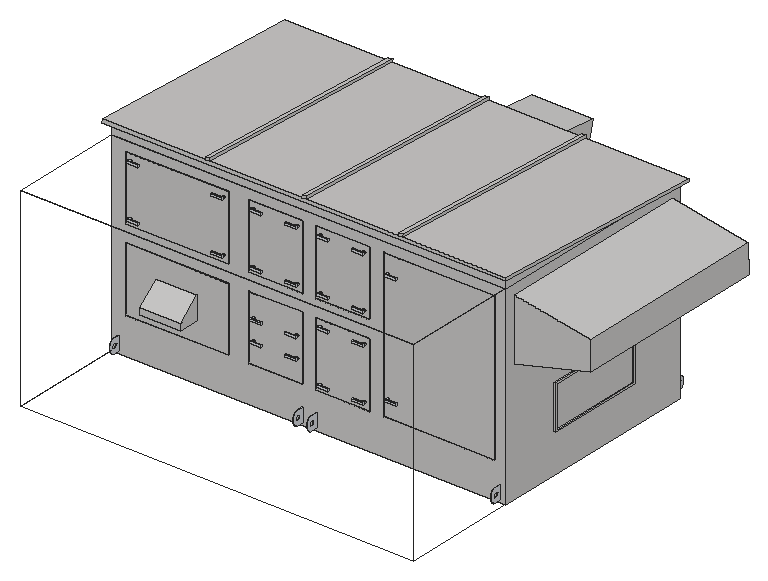
Revit family "DN-3RT-2FP-ECH", category Mechanical Equipment, Revit 2016
Family settings
  Part Type = Normal
  Round Connector Dimension = Use Diameter
  OmniClass Number = 23.75.00.00
  OmniClass Title = Climate Control (HVAC)
  Work Plane-Based = No
  Always vertical = Yes
  Cut with Voids When Loaded = No
  Shared = No
  Room Calculation Point = No
Parameters (values of type "2 @ 2.70 kW ea.")
  Voltage [instance] = "200-240 V"
  Unit Weight Range (lbs) [instance] = "3625-4150 lbs."
  Max. Shipping Weight (lbs) [instance] = "3850-4375 lbs."
  Unit Dimensions (L x W x H) [instance] = "176-7/8\" x 108-3/4\" x 77-1/8\""
  Shipping Dimensions (L x W x H) [instance] = "160\" x 90\" x 83\""
  Unit [instance] = Renewaire - Galvanized Steel
  URL = "www.renewaire.com"
  Typical Airflow Range = "750-3,300 CFM"
  Standard Features [instance] = "EC Motors for both airstreams, Direct drive backward inclined plenum, Higher ESP of up to 2.5\" w.g. at 3,000 CFM, Integrated programmable controls, True 100% face and bypass enthalpy based modulating economizer, Class 1 low leakage motorized isolation dampers, Stainless steel double-sloped drain pan with cooling option, 1\" Double wall foam injected 20 gauge galvanized panel construction with R6.5 insulation"
  Service Area Visibility [instance] = yes
  Service Area Box [instance] = Renewaire - Interference
  Revit Object Download Link [instance] = ""
  Phase [instance] = "Three"
  Options [instance] = "DX, heat pump, or chilled water cooling coil, Modulating hot gas reheat, Steam or hot water coil, gas heat module or electric heater, Onboard variable frequency drives (VFDs) - both airstreams, Fused disconnect, Spring isolators (VFDs only), 2\" Double wall foam injected 20 gauge galvanized panel construction with R13 insulation, Exterior paint - grey, white, custom color, Salt spray - 2500 hours, BACNET factory activation, GFCI convenience outlet, Recirculation damper, Drain overflow switch, Mist Eliminator, Electrofin coating for coils"
  Number Motors [instance] = "Qty. 2, Direct drive motorized impeller packages"
  Model = "DN-3RT-ECH-2FP"
  Minimum Circuit Amps [instance] = "19.4 A"
  Maximum Overcurrent Protection [instance] = "25 A"
  Manufacturer = "Renewaire LLC"
  Inlets/Outlets [instance] = "OA & RA Inlets: 36\" x 16\", SA Outlet: 24\" x 16\", EA Outlet: 20\" x 16\""
  Frequency [instance] = "50/60 Hz"
  Filters [instance] = "Total qty. 6, MERV 8: 20\" x 20\" x 2\""
  FLA per Motor [instance] = "8.6-7.2"
  Energy Recovery Type [instance] = "Static plate total energy transfer"
  Description = "Energy Recovery Ventilator"
  Accessories [instance] = "Filters - MERV 13, 2\"  and 4\" (shipped loose), MERV 14, 2\" and 4\" (shipped loose), Additional filters available upon request, Roof curb - standard 14\", Hurricane or seismic rated curbs, Curb clip kit, Carbon dioxide sensor/control - wall mount (CO2-W), duct mount (CO2-D), IAQ sensor - wall mount (IAQ-W), duct mount (IAQ-D), Motion occupancy sensor/control - ceiling mount (MC-C), wall mount (MC-W), Smoke detector, Room temperature and humidity sensor, Duct static pressure sensor with display to 10\", without display 0-2\", Room pressure sensor with display to 1\", without display 0-1\", Waterless trap negative pressure, waterless trap positive pressure, Remote display"
  AHRI 1060 Certified Core [instance] = "Three L-125-G5"
Types (6): name | Voltage | Minimum Circuit Amps | Maximum Overcurrent Protection | FLA per Motor
  (no name) | "200-240 V" | "19.4 A" | "25 A" | "8.6-7.2"
  2 @ 2.70 kW ea. | "200-240 V" | "19.4 A" | "25 A" | "8.6-7.2"
  2 @ 3.70 kW ea. | "380-480 V" | "13.5 A" | "15 A" | "6.0-4.6"
  2 @ 5HP ea. 208-230V | "208-230 V" | "31.3 A" | "45 A" | "13.9-13.4/6.7"
  2 @ 5HP ea. 460V | "460V" | "15.1 A" | "20 A" | "6.7"
  2 @ 5HP ea. 575V | "575V" | "11.9 A" | "15 A" | "5.3"
Reference planes (in)
  plane 1 "Center (Front/Back)": y = 0
  plane 2: z = 0
  plane 3 "Center (Left/Right)": x = 0
  plane 4: y = -39.6875
  plane 5: x = -73
Forms (in)
  Extrusion 1, solid, material "Renewaire - Galvanized Steel" <- "Unit"
    sketch origin (0, 0, 0) x (0, 1, 0) y (0, 0, 1)
      loop
        line (38.6875, 70.875) -> (-40.6875, 70.875) -> (-40.6875, 0) -> (38.6875, 0) -> (38.6875, 70.875)
    from 70.875 to -73
  Extrusion 2, void
    sketch origin (0, 0, 0) x (1, 0, 0) y (0, 0, 1)
      loop
        line (-68.17984, 67.32399) -> (-68.17984, 43.32172) -> (-30.17986, 43.32172) -> (-30.17986, 67.32399) -> (-68.17984, 67.32399)
      loop
        line (-3.23221, 67.32399) -> (-23.2322, 67.32399) -> (-23.2322, 43.32172) -> (-3.23221, 43.32172) -> (-3.23221, 67.32399)
      loop
        line (21.2974, 67.32399) -> (1.2974, 67.32399) -> (1.2974, 43.32172) -> (21.2974, 43.32172) -> (21.2974, 67.32399)
      loop
        line (67.20649, 67.32399) -> (26.2065, 67.32399) -> (26.2065, 13.32173) -> (67.20649, 13.32173) -> (67.20649, 67.32399)
      loop
        line (-68.17984, 37.32286) -> (-68.17984, 13.3206) -> (-30.17986, 13.3206) -> (-30.17986, 37.32286) -> (-68.17984, 37.32286)
      loop
        line (-3.23221, 37.32286) -> (-23.2322, 37.32286) -> (-23.2322, 13.3206) -> (-3.23221, 13.3206) -> (-3.23221, 37.32286)
      loop
        line (21.2974, 37.32286) -> (1.2974, 37.32286) -> (1.2974, 13.3206) -> (21.2974, 13.3206) -> (21.2974, 37.32286)
    from 41.6875 to 39.6875
  Extrusion 3, solid, material "Renewaire - Galvanized Steel" <- "Unit"
    sketch origin (0, -1.04504, 1.25231) x (0, 1, 0) y (0, 0, 1)
      loop
        line (12.02253, 30.88417) -> (-11.97747, 30.88417) -> (-11.97747, 14.88417) -> (12.02253, 14.88417) -> (12.02253, 30.88417)
      loop
        line (11.77253, 30.63417) -> (-11.72747, 30.63417) -> (-11.72747, 15.13417) -> (11.77253, 15.13417) -> (11.77253, 30.63417)
    from -73 to -74
  Extrusion 4, solid, material "Renewaire - Galvanized Steel" <- "Unit"
    sketch origin (0, -1.04504, 3) x (0, 1, 0) y (0, 0, 1)
      loop
        line (-17.97746, 27.82167) -> (-17.97746, 11.82167) -> (18.02254, 11.82167) -> (18.02254, 27.82167) -> (-17.97746, 27.82167)
      loop
        line (-17.72746, 27.57167) -> (-17.72746, 12.07167) -> (17.77254, 12.07167) -> (17.77254, 27.57167) -> (-17.72746, 27.57167)
    from 71.875 to 70.875
  Extrusion 5, void
    sketch origin (0, 0, 0) x (1, 0, 0) y (0, 1, 0)
      loop
        line (-71, 36.6875) -> (-71, -38.6875) -> (68.875, -38.6875) -> (68.875, 36.6875) -> (-71, 36.6875)
    from -1 to 6
  Extrusion 6, void
    sketch origin (0, 0, 0) x (1, 0, 0) y (0, 1, 0)
      loop
        line (63.82319, 17.02251) -> (47.8232, 17.02251) -> (47.8232, -18.97749) -> (63.82319, -18.97749) -> (63.82319, 17.02251)
      loop
        line (-49.7055, 11.02929) -> (-65.7055, 11.02929) -> (-65.7055, -12.97071) -> (-49.7055, -12.97071) -> (-49.7055, 11.02929)
    from 4 to 6.125
  Extrusion 7, solid, material "Renewaire - Interference" <- "Service Area Box"
    sketch origin (0, 0, 0) x (1, 0, 0) y (0, 1, 0)
      loop
        line (-73, -40.6875) -> (-73, -82.6875) -> (70.875, -82.6875) -> (70.875, -40.6875) -> (-73, -40.6875)
    from 0 to 70.875
  Extrusion 8, solid, material "Renewaire - Galvanized Steel" <- "Unit"
    sketch origin (0, 0, 0) x (1, 0, 0) y (0, 0, 1)
      loop
        line (-67.92984, 67.07399) -> (-67.92984, 43.57172) -> (-30.42986, 43.57172) -> (-30.42986, 67.07399) -> (-67.92984, 67.07399)
      loop
        line (-67.92984, 37.07286) -> (-67.92984, 13.5706) -> (-30.42986, 13.5706) -> (-30.42986, 37.07286) -> (-67.92984, 37.07286)
      loop
        line (-22.9822, 67.07399) -> (-22.9822, 43.57172) -> (-3.48221, 43.57172) -> (-3.48221, 67.07399) -> (-22.9822, 67.07399)
      loop
        line (1.5474, 67.07399) -> (1.5474, 43.57172) -> (21.0474, 43.57172) -> (21.0474, 67.07399) -> (1.5474, 67.07399)
      loop
        line (-22.9822, 37.07286) -> (-22.9822, 13.5706) -> (-3.48221, 13.5706) -> (-3.48221, 37.07286) -> (-22.9822, 37.07286)
      loop
        line (1.5474, 37.07286) -> (1.5474, 13.5706) -> (21.0474, 13.5706) -> (21.0474, 37.07286) -> (1.5474, 37.07286)
      loop
        line (26.4565, 67.07399) -> (26.4565, 13.57173) -> (66.95649, 13.57173) -> (66.95649, 67.07399) -> (26.4565, 67.07399)
    from 39.6875 to 40.6875
  Extrusion 9, solid, material "Renewaire - Galvanized Steel" <- "Unit"
    sketch origin (0, 0, 0) x (0, 1, 0) y (0, 0, 1)
      loop
        line (38.6875, 67.40788) -> (38.6875, 49.36009) -> (55.14296, 48.91539) -> (59.60759, 65.57761) -> (38.6875, 67.40788)
    from 0 to 22.39252
  Extrusion 10, solid, material "Renewaire - Galvanized Steel" <- "Unit"
    sketch origin (0, 0, 0) x (1, 0, 0) y (0, 0, 1)
      loop
        line (70.875, 67.38694) -> (70.875, 44.63001) -> (98.94202, 51.93797) -> (98.94202, 62.43797) -> (70.875, 67.38694)
    from -35.06601 to 37.05392
  Extrusion 11, solid, material "Renewaire - Galvanized Steel" <- "Unit"
    sketch origin (0, 0, 0) x (1, 0, 0) y (0, 0, 1)
      loop
        line (-73, 29.6828) -> (-77.34667, 28.51811) -> (-75.24095, 20.65947) -> (-73, 20.65947) -> (-73, 29.6828)
    from 14.47821 to 22.90376
  Extrusion 12, solid, material "Renewaire - Galvanized Steel" <- "Unit"
    sketch origin (0, 0, 0) x (0, 1, 0) y (0, 0, 1)
      loop
        line (-40.6875, 20.87411) -> (-40.6875, 29.23787) -> (-48.4375, 23.18634) -> (-48.4375, 20.87411) -> (-40.6875, 20.87411)
    from -56.79672 to -41.89672
  Extrusion 13, solid, material "Renewaire - Galvanized Steel" <- "Unit"
    sketch origin (0, 0, 0) x (0, 1, 0) y (0, 0, 1)
      loop
        line (40.71506, 70.90575) -> (40.76536, 71.90448) -> (-42.74883, 76.11069) -> (-42.79913, 75.11195) -> (40.71506, 70.90575)
    from -74.94102 to 72.69298
  Extrusion 14, solid, material "Renewaire - Galvanized Steel" <- "Unit"
    sketch origin (0, 0, 0) x (0, 1, 0) y (0, 0, 1)
      loop
        line (38.6875, 70.875) -> (38.6875, 71.00786) -> (-40.6875, 75.0056) -> (-40.6875, 70.875) -> (38.6875, 70.875)
    from -73 to 70.875
  Extrusion 15, solid, material "Renewaire - Galvanized Steel" <- "Unit"
    sketch origin (0, 0, 0) x (0, 1, 0) y (0, 0, 1)
      loop
        line (40.76536, 71.90448) -> (40.81566, 72.90323) -> (-42.69853, 77.10944) -> (-42.74883, 76.11069) -> (40.76536, 71.90448)
    from -1.87008 to -0.36867
  Extrusion 16, solid, material "Renewaire - Galvanized Steel" <- "Unit"
    sketch origin (0, 0, 0) x (0, 1, 0) y (0, 0, 1)
      loop
        line (40.76536, 71.90448) -> (40.81566, 72.90323) -> (-42.69853, 77.10944) -> (-42.74883, 76.11069) -> (40.76536, 71.90448)
    from -37.29305 to -35.79803
  Extrusion 17, solid, material "Renewaire - Galvanized Steel" <- "Unit"
    sketch origin (0, 0, 0) x (0, 1, 0) y (0, 0, 1)
      loop
        line (40.76536, 71.90448) -> (40.81566, 72.90323) -> (-42.69853, 77.10944) -> (-42.74883, 76.11069) -> (40.76536, 71.90448)
    from 33.54994 to 35.04499
  Extrusion 18, void
    sketch origin (0, 0, 0) x (1, 0, 0) y (0, 0, 1)
      loop
        line (-3.23221, 67.32399) -> (-23.2322, 67.32399) -> (-23.2322, 43.32172) -> (-3.23221, 43.32172) -> (-3.23221, 67.32399)
      loop
        line (-3.23221, 37.32286) -> (-23.2322, 37.32286) -> (-23.2322, 13.3206) -> (-3.23221, 13.3206) -> (-3.23221, 37.32286)
    from -39.6875 to -37.6875
  Extrusion 19, solid, material "Renewaire - Galvanized Steel" <- "Unit"
    sketch origin (0, 0, 0) x (1, 0, 0) y (0, 0, 1)
      loop
        line (-3.48221, 67.07399) -> (-22.9822, 67.07399) -> (-22.9822, 43.57172) -> (-3.48221, 43.57172) -> (-3.48221, 67.07399)
      loop
        line (-3.48221, 37.07286) -> (-22.9822, 37.07286) -> (-22.9822, 32.07286) -> (-3.48221, 32.07286) -> (-3.48221, 37.07286)
      loop
        line (-3.48221, 13.5706) -> (-3.48221, 18.5706) -> (-22.9822, 18.5706) -> (-22.9822, 13.5706) -> (-3.48221, 13.5706)
      loop
        line (-3.48221, 31.82286) -> (-22.9822, 31.82286) -> (-22.9822, 18.8206) -> (-3.48221, 18.8206) -> (-3.48221, 31.82286)
    from -37.6875 to -38.6875
Cuts and joins
  Extrusion 2, Extrusion 5, Extrusion 6, Extrusion 18 cuts Extrusion 1
Dimensions and locks (in)
  aligned and locked: level to plane 2
  aligned and locked: cut or joined group of Extrusion 1, Extrusion 2, Extrusion 5, Extrusion 6, Extrusion 18 to nested 1
  aligned and locked: cut or joined group of Extrusion 1, Extrusion 2, Extrusion 5, Extrusion 6, Extrusion 18 to Extrusion 7 sketch curve
  aligned and locked: Extrusion 7 sketch curve to cut or joined group of Extrusion 1, Extrusion 2, Extrusion 5, Extrusion 6, Extrusion 18
  aligned and locked: Extrusion 7 to level
Nested families (in)
  nested 1: "Handle" at (-32.28191, -40.6875, 64.71643), type "Handle"
    with Right Handle no, Left Handle yes, Flip yes
  nested 2: "Handle" at (-32.28191, -40.6875, 45.71643), type "Handle"
    with Right Handle no, Left Handle yes, Flip yes
  nested 3: "Handle" at (-66.19507, -40.6875, 64.71643) x (-1, 0, 0) z (0, 0, 1), type "Handle"
    with Right Handle no, Left Handle yes, Flip yes
  nested 4: "Handle" at (-66.19507, -40.6875, 45.71643) x (-1, 0, 0) z (0, 0, 1), type "Handle"
    with Right Handle no, Left Handle yes, Flip yes
  nested 5: "Handle" at (-5.33426, -40.6875, 28.86287), type "Handle"
    with Right Handle no, Left Handle yes, Flip yes
  nested 6: "Handle" at (-5.33426, -40.6875, 21.4653), type "Handle"
    with Right Handle no, Left Handle yes, Flip yes
  nested 7: "Handle" at (-21.24744, -40.6875, 28.86287) x (-1, 0, 0) z (0, 0, 1), type "Handle"
    with Right Handle no, Left Handle yes, Flip yes
  nested 8: "Handle" at (-21.24744, -40.6875, 21.4653) x (-1, 0, 0) z (0, 0, 1), type "Handle"
    with Right Handle no, Left Handle yes, Flip yes
  nested 9: "Lifting Lug" at (-70.513, 38.6875, 0.74993) x (0, 1, 0) z (0, 0, 1), Material <- "Unit", type "Lifting Lug"
    with Material Renewaire - Galvanized Steel
  nested 10: "Lifting Lug" at (1.70251, 38.6875, 0.74993) x (0, 1, 0) z (0, 0, 1), Material <- "Unit", type "Lifting Lug"
    with Material Renewaire - Galvanized Steel
  nested 11: "Lifting Lug" at (68.85071, 38.6875, 0.74993) x (0, 1, 0) z (0, 0, 1), Material <- "Unit", type "Lifting Lug"
    with Material Renewaire - Galvanized Steel
  nested 12: "Lifting Lug" at (-3.38708, 38.6875, 0.74993) x (0, 1, 0) z (0, 0, 1), Material <- "Unit", type "Lifting Lug"
    with Material Renewaire - Galvanized Steel
  nested 13: "Lifting Lug" at (-70.513, -40.6875, 0.74993) x (0, -1, 0) z (0, 0, 1), Material <- "Unit", type "Lifting Lug"
    with Material Renewaire - Galvanized Steel
  nested 14: "Lifting Lug" at (1.70251, -40.6875, 0.74993) x (0, -1, 0) z (0, 0, 1), Material <- "Unit", type "Lifting Lug"
    with Material Renewaire - Galvanized Steel
  nested 15: "Lifting Lug" at (68.85071, -40.6875, 0.74993) x (0, -1, 0) z (0, 0, 1), Material <- "Unit", type "Lifting Lug"
    with Material Renewaire - Galvanized Steel
  nested 16: "Lifting Lug" at (-3.38708, -40.6875, 0.74993) x (0, -1, 0) z (0, 0, 1), Material <- "Unit", type "Lifting Lug"
    with Material Renewaire - Galvanized Steel
  nested 17: "Handle" at (-5.33426, 38.6875, 64.71643), type "Handle"
    with Right Handle no, Left Handle yes, Flip yes
  nested 18: "Handle" at (-5.33426, 38.6875, 45.71643), type "Handle"
    with Right Handle no, Left Handle yes, Flip yes
  nested 19: "Handle" at (-21.24744, 38.6875, 64.71643) x (-1, 0, 0) z (0, 0, 1), type "Handle"
    with Right Handle no, Left Handle yes, Flip yes
  nested 20: "Handle" at (-21.24744, 38.6875, 45.71643) x (-1, 0, 0) z (0, 0, 1), type "Handle"
    with Right Handle no, Left Handle yes, Flip yes
  nested 21: "Handle" at (-5.33426, 38.6875, 28.86287), type "Handle"
    with Right Handle no, Left Handle yes, Flip yes
  nested 22: "Handle" at (-5.33426, 38.6875, 21.4653), type "Handle"
    with Right Handle no, Left Handle yes, Flip yes
  nested 23: "Handle" at (-21.24744, 38.6875, 28.86287) x (-1, 0, 0) z (0, 0, 1), type "Handle"
    with Right Handle no, Left Handle yes, Flip yes
  nested 24: "Handle" at (-21.24744, 38.6875, 21.4653) x (-1, 0, 0) z (0, 0, 1), type "Handle"
    with Right Handle no, Left Handle yes, Flip yes
  nested 25: "Handle" at (-21.24743, -40.6875, 64.71643) x (-1, 0, 0) z (0, 0, 1), type "Handle"
    with Right Handle no, Left Handle yes, Flip yes
  nested 26: "Handle" at (-21.24743, -40.6875, 45.71643) x (-1, 0, 0) z (0, 0, 1), type "Handle"
    with Right Handle no, Left Handle yes, Flip yes
  nested 27: "Handle" at (3.28218, -40.6875, 64.71643) x (-1, 0, 0) z (0, 0, 1), type "Handle"
    with Right Handle no, Left Handle yes, Flip yes
  nested 28: "Handle" at (3.28218, -40.6875, 45.71643) x (-1, 0, 0) z (0, 0, 1), type "Handle"
    with Right Handle no, Left Handle yes, Flip yes
  nested 29: "Handle" at (3.28218, -40.6875, 34.7153) x (-1, 0, 0) z (0, 0, 1), type "Handle"
    with Right Handle no, Left Handle yes, Flip yes
  nested 30: "Handle" at (3.28218, -40.6875, 15.7153) x (-1, 0, 0) z (0, 0, 1), type "Handle"
    with Right Handle no, Left Handle yes, Flip yes
  nested 31: "Handle" at (-5.33426, -40.6875, 64.71643), type "Handle"
    with Right Handle no, Left Handle yes, Flip yes
  nested 32: "Handle" at (-5.33426, -40.6875, 45.71643), type "Handle"
    with Right Handle no, Left Handle yes, Flip yes
  nested 33: "Handle" at (19.19535, -40.6875, 64.71643), type "Handle"
    with Right Handle no, Left Handle yes, Flip yes
  nested 34: "Handle" at (19.19535, -40.6875, 45.71643), type "Handle"
    with Right Handle no, Left Handle yes, Flip yes
  nested 35: "Handle" at (19.19535, -40.6875, 34.7153), type "Handle"
    with Right Handle no, Left Handle yes, Flip yes
  nested 36: "Handle" at (19.19535, -40.6875, 15.7153), type "Handle"
    with Right Handle no, Left Handle yes, Flip yes
  nested 37: "Handle" at (27.90975, -40.6875, 60.63525) x (-1, 0, 0) z (0, 0, 1), type "Handle"
    with Right Handle no, Left Handle yes, Flip yes
  nested 38: "Handle" at (27.90975, -40.6875, 19.53761) x (-1, 0, 0) z (0, 0, 1), type "Handle"
    with Right Handle no, Left Handle yes, Flip yes
Connectors (in)
  hvac at (-74, -1.02251, 24.13648)
    settings: on Extrusion 3, index 1, duct flow 0 CFM, flow factor 0, pres drop 0.00 in-wg, loss coef 0, conn angle 0.00°, conn width 24", conn height 16", conn diameter 24", duct sys type 1, conn prof type 1, flow config 0, flow direction 2, loss method 0, conn ref index -1, conn util no, is conn primary yes, conn desc "Supply Air (SA)"
  hvac at (71.875, -1.0225, 22.82167)
    settings: on Extrusion 4, index 4, duct flow 0 CFM, flow factor 0, pres drop 0.00 in-wg, loss coef 0, conn angle 0.00°, conn width 36", conn height 16", conn diameter 24", duct sys type 2, conn prof type 1, flow config 0, flow direction 1, loss method 0, conn ref index -1, conn util no, is conn primary no, conn desc "Return Air (RA)"
  hvac at (-57.7055, -0.97071, 6.125)
    settings: on cut or joined group of Extrusion 1, Extrusion 2, Extrusion 5, Extrusion 6, Extrusion 18, index 5, duct flow 0 CFM, flow factor 0, pres drop 0.00 in-wg, loss coef 0, conn angle 0.00°, conn width 16", conn height 24", conn diameter 24", duct sys type 1, conn prof type 1, flow config 0, flow direction 2, loss method 0, conn ref index -1, conn util no, is conn primary no, conn desc "Supply Air (SA)"
  hvac at (55.8232, -0.97749, 6.125)
    settings: on cut or joined group of Extrusion 1, Extrusion 2, Extrusion 5, Extrusion 6, Extrusion 18, index 6, duct flow 0 CFM, flow factor 0, pres drop 0.00 in-wg, loss coef 0, conn angle 0.00°, conn width 16", conn height 36", conn diameter 24", duct sys type 2, conn prof type 1, flow config 0, flow direction 1, loss method 0, conn ref index -1, conn util no, is conn primary no, conn desc "Return Air (RA)"
Definition of nested family "Handle"
  Parameters (values of type "Handle")
    Right Handle [instance] = not(Flip)  # no
    Material = none
    Left Handle [instance] = Flip  # yes
    Flip [instance] = yes
  Reference planes (in)
    plane 1 "Center (Front/Back)": y = 0
    plane 2: z = 0
    plane 3 "Center (Left/Right)": x = 0
  Forms (in)
    Extrusion 1, solid, material <- "Material"
      sketch origin (0, 0, 0) x (1, 0, 0) y (0, 0, 1)
        loop
          circle (0, 0) r 0.375
      from 0 to 0.75
    Extrusion 2, solid, material <- "Material", visible <- "Right Handle"
      sketch origin (0, 0, 0) x (1, 0, 0) y (0, 1, 0)
        loop
          line (-0.375, -0.75) -> (-0.375, -1.25) -> (3.625, -1.25) -> (3.625, -0.75) -> (-0.375, -0.75)
      from -0.375 to 0.375
    Extrusion 3, solid, material <- "Material", visible <- "Left Handle"
      sketch origin (-3.25, 0, 0) x (1, 0, 0) y (0, 1, 0)
        loop
          line (-0.375, -0.75) -> (-0.375, -1.25) -> (3.625, -1.25) -> (3.625, -0.75) -> (-0.375, -0.75)
      from -0.375 to 0.375
  Dimensions and locks (in)
    aligned and locked: plane 2 to level
Definition of nested family "Lifting Lug"
  Parameters (values of type "Lifting Lug")
    Material [instance] = none
  Reference planes (in)
    plane 1 "Center (Front/Back)": y = 0
    plane 2: z = 0
    plane 3 "Center (Left/Right)": x = 0
  Forms (in)
    Extrusion 1, solid
      sketch origin (0, 0, 0) x (1, 0, 0) y (0, 0, 1)
        loop
          line (0, 0.1875) -> (2, 0.1875)
          arc (2, 0.1875) -> (3.41421, 0.77329) -> (4, 2.1875) r 2
          line (4, 2.1875) -> (4, 3.1875)
          arc (4, 3.1875) -> (3.41421, 4.60171) -> (2, 5.1875) r 2
          line (2, 5.1875) -> (0, 5.1875) -> (0, 0.1875)
        loop
          circle (2.125, 2.6875) r 1
      from 0 to 0.25
  Dimensions and locks (in)
    aligned and locked: plane 2 to level
